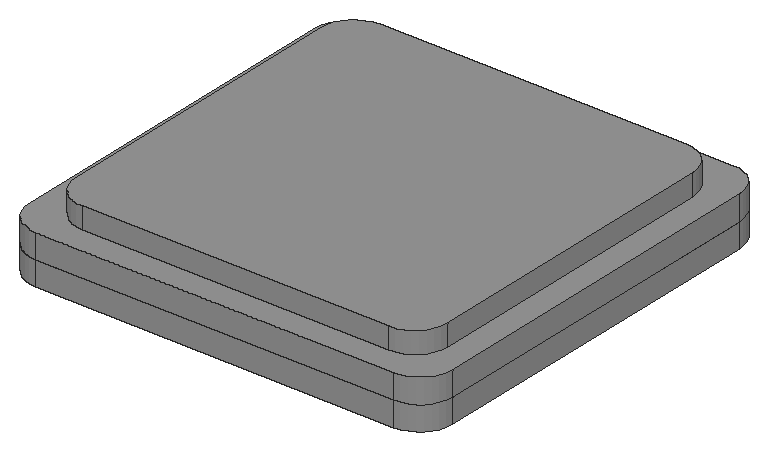
Revit family "FMS2_63_UN_Surface-mounted_ETK", category Lighting Fixtures, Revit 2019 (continued)
Definition of nested family "FMS.2 - Lightsource"
  Types (14, lengths in mm): name | Wattage Comments | Wattage | built-in parameter 1150134 | Photometric Web File | built-in parameter 1150142 | built-in parameter 1150105 | Lumens | built-in parameter 1150107 | built-in parameter 1150106 | Apparent Load
      7117\r\n333.632\t330.6806\t327.7293\t324.7779\t321.6982\t318.3619\t315.0256\t311.6893\t308.353\t305.0166\r\n301.6803\t298.344\t295.0077\t291.6714\t288.335\t284.9987\t281.7907\t278.4544\t275.1181\t271.7818\r\n268.4454\t265.2374\t261.9011\t258.5648\t255.2285\t251.7638\t248.2992\t244.8346\t241.3699\t237.9053\r\n234.4406\t230.976\t227.5114\t224.0467\t220.5821\t217.1174\t213.6528\t210.3165\t206.8518\t203.3872\r\n199.9226\t196.4579\t193.1216\t189.657\t186.1923\t182.5994\t179.1347\t175.6701\t172.2054\t168.6125\r\n165.1478\t161.6832\t158.2186\t154.7539\t151.2893\t147.8246\t144.36\t140.8954\t137.3024\t133.8378\r\n130.3731\t126.9726\t123.508\t120.2358\t117.0278\t113.8198\t110.6118\t107.4038\t104.1958\t100.9878\r\n97.7927\t94.5847\t91.3895\t88.1943\t84.9992\t81.804\t78.6088\t75.4137\t72.2313\t69.0362\r\n65.8538\t62.6587\t56.6918\t50.0961\t43.5133\t36.9177\t30.322\t23.7264\t17.1436\t10.5479\r\n3.9574\t0\t0\t0\t0\t0\t0\t0\t0\t0\r\n0\r\n473.6291\t473.3725\t472.9875\t472.6026\t472.2176\t471.8326\t471.4477\t471.0627\t470.6778\t470.2928\r\n469.9078\t469.5229\t469.1379\t468.753\t468.368\t467.983\t467.4698\t467.0848\t466.5715\t466.1866\r\n465.6733\t464.9034\t463.4918\t462.0803\t460.5405\t459.129\t457.7174\t456.3059\t454.8944\t453.4829\r\n452.0714\t450.6598\t449.12\t447.7085\t446.297\t444.7571\t443.3456\t441.8058\t440.3942\t438.9827\r\n437.4429\t436.0314\t433.8499\t431.5402\t429.2304\t426.9206\t424.6109\t422.3011\t419.9914\t417.6816\r\n415.3718\t412.9338\t410.624\t408.3142\t406.0045\t403.5664\t401.2566\t398.9469\t396.6371\t394.199\r\n391.8893\t389.5795\t387.1414\t384.1901\t381.2387\t378.2874\t375.336\t372.3846\t369.4333\t366.4819\r\n363.5306\t360.5792\t357.6278\t354.6765\t351.7251\t348.7738\t345.8224\t342.871\t339.9197\t336.9683\r\n334.017\t331.0656\t328.1142\t324.9062\t321.5699\t318.2336\t314.8973\t311.6893\t308.353\t305.0166\r\n301.8086\t298.4723\t295.136\t291.928\t288.5917\t285.3837\t282.0474\t278.711\t275.3747\t272.1667\r\n268.8304\t265.4941\t262.1578\t258.6931\t255.2285\t251.7638\t248.2992\t244.8346\t241.4982\t238.0336\r\n234.569\t231.1043\t227.6397\t224.175\t220.7104\t217.2458\t213.7811\t210.4448\t206.9802\t203.5155\r\n200.0509\t196.5862\t193.1216\t189.657\t186.1923\t182.7277\t179.1347\t175.6701\t172.2054\t168.7408\r\n165.2762\t161.6832\t158.2186\t154.7539\t151.2893\t147.8246\t144.36\t140.8954\t137.4307\t133.8378\r\n130.3731\t126.947\t123.662\t120.4412\t117.2203\t113.9995\t110.7787\t107.5707\t104.3498\t101.1418\r\n97.921\t94.713\t91.505\t88.2842\t85.0762\t81.8682\t78.6602\t75.4522\t72.2442\t69.0362\r\n65.8282\t61.5038\t54.921\t48.3381\t41.7553\t35.1597\t28.5769\t21.994\t15.4112\t8.8194\r\n2.2341\t0\t0\t0\t0\t0\t0\t0\t0\t0\r\n0\r\n473.6291\t473.3725\t472.9875\t472.6026\t472.2176\t471.8326\t471.4477\t471.0627\t470.6778\t470.2928\r\n469.9078\t469.5229\t469.0096\t468.6246\t468.2397\t467.8547\t467.4698\t467.0848\t466.6998\t466.3149\r\n465.9299\t464.9034\t463.4918\t462.0803\t460.6688\t459.2573\t457.8458\t456.3059\t454.8944\t453.4829\r\n452.0714\t450.6598\t449.12\t447.7085\t446.297\t444.8854\t443.4739\t442.0624\t440.6509\t439.2394\r\n437.8278\t436.0314\t433.7216\t431.4118\t429.1021\t426.7923\t424.4826\t422.3011\t419.9914\t417.6816\r\n415.3718\t413.0621\t410.7523\t408.4426\t406.1328\t403.823\t401.5133\t399.2035\t396.8938\t394.584\r\n392.2742\t389.8362\t386.8848\t383.9334\t381.1104\t378.159\t375.2077\t372.3846\t369.4333\t366.4819\r\n363.6589\t360.7075\t357.7562\t354.8048\t351.9818\t349.0304\t346.079\t343.1277\t340.1763\t337.225\r\n334.2736\t331.3222\t327.9859\t324.7779\t321.4416\t318.2336\t314.8973\t311.6893\t308.353\t305.145\r\n301.8086\t298.6006\t295.2643\t292.0563\t288.72\t285.512\t282.1757\t278.8394\t275.6314\t272.295\r\n269.087\t265.7507\t262.2861\t258.8214\t255.3568\t251.8922\t248.4275\t244.9629\t241.4982\t238.0336\r\n234.569\t231.2326\t227.768\t224.3034\t220.8387\t217.3741\t213.9094\t210.5731\t207.1085\t203.6438\r\n200.1792\t196.7146\t193.2499\t189.7853\t186.3206\t182.7277\t179.263\t175.7984\t172.3338\t168.8691\r\n165.2762\t161.8115\t158.3469\t154.8822\t151.2893\t147.8246\t144.36\t140.8954\t137.4307\t133.8378\r\n130.3731\t127.0111\t123.7775\t120.5566\t117.323\t114.0893\t110.8685\t107.6348\t104.4012\t101.1803\r\n97.9467\t94.7258\t91.4922\t88.2713\t85.0377\t81.8168\t78.596\t75.3623\t72.1415\t68.9207\r\n65.687\t60.1179\t53.5479\t46.978\t40.408\t33.838\t27.268\t20.698\t14.128\t7.5632\r\n0.9932\t0\t0\t0\t0\t0\t0\t0\t0\t0\r\n0\r\n473.6291\t473.3725\t472.9875\t472.6026\t472.2176\t471.8326\t471.4477\t471.0627\t470.6778\t470.2928\r\n469.9078\t469.5229\t469.1379\t468.753\t468.368\t467.983\t467.5981\t467.2131\t466.8282\t466.4432\r\n466.0582\t464.6467\t463.2352\t461.8237\t460.4122\t459.129\t457.7174\t456.3059\t454.8944\t453.4829\r\n452.0714\t450.6598\t449.2483\t447.8368\t446.4253\t445.0138\t443.6022\t442.1907\t440.9075\t439.496\r\n438.0845\t435.903\t433.5933\t431.4118\t429.1021\t426.7923\t424.6109\t422.3011\t419.9914\t417.6816\r\n415.5002\t413.1904\t410.8806\t408.5709\t406.3894\t404.0797\t401.7699\t399.4602\t397.2787\t394.969\r\n392.6592\t389.9645\t387.0131\t384.0618\t381.1104\t378.2874\t375.336\t372.3846\t369.5616\t366.6102\r\n363.7872\t360.8358\t357.8845\t355.0614\t352.1101\t349.1587\t346.2074\t343.3843\t340.433\t337.4816\r\n334.5302\t331.3222\t328.1142\t324.7779\t321.5699\t318.2336\t315.0256\t311.6893\t308.4813\t305.145\r\n301.8086\t298.6006\t295.2643\t292.0563\t288.72\t285.512\t282.1757\t278.9677\t275.7597\t272.4234\r\n269.2154\t265.7507\t262.2861\t258.8214\t255.3568\t251.8922\t248.5558\t245.0912\t241.6266\t238.1619\r\n234.6973\t231.2326\t227.768\t224.3034\t220.967\t217.5024\t214.0378\t210.5731\t207.1085\t203.6438\r\n200.1792\t196.7146\t193.2499\t189.7853\t186.3206\t182.7277\t179.263\t175.7984\t172.3338\t168.8691\r\n165.2762\t161.8115\t158.3469\t154.8822\t151.2893\t147.8246\t144.36\t140.8954\t137.4307\t133.8378\r\n130.3731\t127.1266\t123.8801\t120.6465\t117.4\t114.1663\t110.9198\t107.6861\t104.4396\t101.206\r\n97.9595\t94.7258\t91.4793\t88.2457\t85.012\t81.7655\t78.5318\t75.2982\t72.0517\t68.818\r\n65.5844\t59.271\t52.7139\t46.1567\t39.5996\t33.0424\t26.4852\t19.9281\t13.3581\t6.8061\r\n0.2483\t0\t0\t0\t0\t0\t0\t0\t0\t0\r\n0\r\n473.6291\t473.3725\t472.9875\t472.6026\t472.2176\t471.8326\t471.4477\t471.0627\t470.6778\t470.4211\r\n470.0362\t469.6512\t469.2662\t468.8813\t468.4963\t468.1114\t467.7264\t467.4698\t467.0848\t466.6998\r\n466.3149\t464.9034\t463.4918\t462.0803\t460.6688\t459.2573\t457.8458\t456.4342\t455.0227\t453.6112\r\n452.1997\t450.7882\t449.3766\t447.9651\t446.5536\t445.1421\t443.7306\t442.319\t440.9075\t439.496\r\n438.0845\t435.7747\t433.465\t431.2835\t428.9738\t426.664\t424.3542\t422.1728\t419.863\t417.5533\r\n415.2435\t413.0621\t410.7523\t408.4426\t406.1328\t403.9514\t401.6416\t399.3318\t397.0221\t394.8406\r\n392.5309\t389.5795\t386.7565\t383.8051\t380.8538\t378.0307\t375.0794\t372.128\t369.305\t366.3536\r\n363.4022\t360.5792\t357.6278\t354.6765\t351.8534\t348.9021\t345.9507\t343.1277\t340.1763\t337.3533\r\n334.4019\t331.0656\t327.8576\t324.6496\t321.3133\t318.1053\t314.8973\t311.561\t308.353\t305.0166\r\n301.8086\t298.6006\t295.2643\t292.0563\t288.8483\t285.512\t282.304\t278.9677\t275.7597\t272.5517\r\n269.2154\t265.7507\t262.4144\t258.9498\t255.4851\t252.0205\t248.5558\t245.0912\t241.6266\t238.1619\r\n234.6973\t231.2326\t227.768\t224.4317\t220.967\t217.5024\t214.0378\t210.5731\t207.1085\t203.6438\r\n200.1792\t196.7146\t193.2499\t189.657\t186.1923\t182.7277\t179.263\t175.7984\t172.2054\t168.7408\r\n165.2762\t161.8115\t158.2186\t154.7539\t151.2893\t147.8246\t144.2317\t140.767\t137.3024\t133.8378\r\n130.2448\t127.0496\t123.816\t120.5695\t117.323\t114.0893\t110.8428\t107.5963\t104.3627\t101.1162\r\n97.8697\t94.636\t91.3895\t88.143\t84.9093\t81.6628\t78.4164\t75.1827\t71.9362\t68.6897\r\n65.456\t58.8989\t52.3546\t45.8102\t39.2659\t32.7216\t26.1773\t19.633\t13.0886\t6.5456\r\n0\t0\t0\t0\t0\t0\t0\t0\t0\t0\r\n0\r\n473.6291\t473.2442\t472.9875\t472.6026\t472.2176\t471.8326\t471.4477\t471.0627\t470.6778\t470.2928\r\n469.9078\t469.3946\t469.0096\t468.6246\t468.2397\t467.8547\t467.4698\t467.0848\t466.6998\t466.3149\r\n465.9299\t464.6467\t463.2352\t461.8237\t460.4122\t459.0006\t457.5891\t456.1776\t454.7661\t453.3546\r\n452.0714\t450.6598\t449.2483\t447.8368\t446.4253\t445.0138\t443.6022\t442.1907\t440.9075\t439.496\r\n438.0845\t435.903\t433.5933\t431.4118\t429.1021\t426.7923\t424.4826\t422.3011\t419.9914\t417.6816\r\n415.3718\t413.0621\t410.8806\t408.5709\t406.2611\t403.9514\t401.6416\t399.4602\t397.1504\t394.8406\r\n392.5309\t389.8362\t386.8848\t383.9334\t380.9821\t378.159\t375.2077\t372.2563\t369.305\t366.4819\r\n363.5306\t360.5792\t357.7562\t354.8048\t351.8534\t349.0304\t346.079\t343.1277\t340.1763\t337.3533\r\n334.4019\t331.1939\t327.9859\t324.6496\t321.4416\t318.1053\t314.8973\t311.561\t308.353\t305.145\r\n301.8086\t298.6006\t295.2643\t292.0563\t288.72\t285.512\t282.304\t278.9677\t275.7597\t272.4234\r\n269.2154\t265.7507\t262.2861\t258.8214\t255.3568\t252.0205\t248.5558\t245.0912\t241.6266\t238.1619\r\n234.6973\t231.2326\t227.768\t224.3034\t220.8387\t217.3741\t213.9094\t210.4448\t206.9802\t203.5155\r\n200.0509\t196.5862\t193.1216\t189.5286\t186.064\t182.5994\t179.1347\t175.6701\t172.0771\t168.6125\r\n165.1478\t161.6832\t158.2186\t154.6256\t151.161\t147.6963\t144.2317\t140.6387\t137.1741\t133.7094\r\n130.2448\t126.947\t123.7005\t120.454\t117.2075\t113.9738\t110.7273\t107.4808\t104.2343\t100.9878\r\n97.7542\t94.5077\t91.2612\t88.0147\t84.781\t81.5345\t78.288\t75.0415\t71.8079\t68.5614\r\n65.3149\t59.0272\t52.4957\t45.9642\t39.4327\t32.9012\t26.3698\t19.8383\t13.3068\t6.7779\r\n0.2473\t0\t0\t0\t0\t0\t0\t0\t0\t0\r\n0\r\n473.6291\t473.2442\t472.8592\t472.4742\t472.0893\t471.7043\t471.3194\t470.9344\t470.5494\t470.1645\r\n469.7795\t469.2662\t468.8813\t468.4963\t468.1114\t467.7264\t467.3414\t466.9565\t466.5715\t466.1866\r\n465.8016\t464.775\t463.3635\t461.952\t460.5405\t459.129\t457.7174\t456.3059\t454.8944\t453.4829\r\n452.0714\t450.6598\t449.2483\t447.8368\t446.4253\t445.0138\t443.4739\t442.0624\t440.6509\t439.2394\r\n437.6995\t435.903\t433.5933\t431.2835\t429.1021\t426.7923\t424.4826\t422.1728\t419.863\t417.5533\r\n415.2435\t413.0621\t410.7523\t408.4426\t406.1328\t403.823\t401.5133\t399.3318\t397.0221\t394.7123\r\n392.4026\t389.9645\t387.0131\t384.0618\t381.1104\t378.159\t375.2077\t372.2563\t369.305\t366.3536\r\n363.4022\t360.4509\t357.4995\t354.6765\t351.7251\t348.7738\t345.8224\t342.871\t339.9197\t337.0966\r\n334.1453\t331.1939\t327.8576\t324.6496\t321.3133\t318.1053\t314.769\t311.561\t308.2246\t305.0166\r\n301.6803\t298.4723\t295.136\t291.928\t288.5917\t285.3837\t282.0474\t278.8394\t275.503\t272.295\r\n268.9587\t265.7507\t262.2861\t258.8214\t255.3568\t251.7638\t248.2992\t244.8346\t241.3699\t237.9053\r\n234.4406\t230.976\t227.5114\t224.0467\t220.7104\t217.2458\t213.7811\t210.3165\t206.8518\t203.3872\r\n199.9226\t196.4579\t192.9933\t189.5286\t185.9357\t182.471\t179.0064\t175.5418\t172.0771\t168.4842\r\n165.0195\t161.5549\t157.9619\t154.4973\t151.0326\t147.568\t144.1034\t140.5104\t137.0458\t133.5811\r\n130.1165\t126.7032\t123.4567\t120.223\t116.9765\t113.7428\t110.4964\t107.2627\t104.029\t100.7825\r\n97.5489\t94.3152\t91.0815\t87.835\t84.6014\t81.3677\t78.134\t74.9004\t71.6667\t68.4331\r\n65.1994\t59.656\t53.1373\t46.6187\t40.1\t33.5813\t27.0627\t20.544\t14.0254\t7.5042\r\n0.9855\t0\t0\t0\t0\t0\t0\t0\t0\t0\r\n0\r\n473.6291\t473.2442\t472.8592\t472.4742\t472.0893\t471.7043\t471.3194\t470.9344\t470.4211\t470.0362\r\n469.6512\t469.2662\t468.8813\t468.4963\t468.1114\t467.7264\t467.3414\t466.9565\t466.4432\t466.0582\r\n465.6733\t464.9034\t463.4918\t462.0803\t460.6688\t459.2573\t457.8458\t456.3059\t454.8944\t453.4829\r\n451.943\t450.5315\t449.12\t447.5802\t446.1686\t444.6288\t443.2173\t441.6774\t440.2659\t438.7261\r\n437.3146\t435.7747\t433.7216\t431.4118\t429.1021\t426.664\t424.3542\t422.0445\t419.7347\t417.425\r\n415.1152\t412.8054\t410.4957\t408.1859\t405.8762\t403.6947\t401.385\t399.0752\t396.6371\t394.3274\r\n392.0176\t389.7078\t387.1414\t384.1901\t381.2387\t378.2874\t375.2077\t372.2563\t369.305\t366.3536\r\n363.4022\t360.4509\t357.4995\t354.5482\t351.5968\t348.6454\t345.5658\t342.6144\t339.663\t336.7117\r\n333.7603\t330.6806\t327.7293\t324.5213\t321.185\t317.977\t314.6406\t311.3043\t308.0963\t304.76\r\n301.552\t298.2157\t295.0077\t291.6714\t288.335\t285.127\t281.7907\t278.5827\t275.2464\t272.0384\r\n268.7021\t265.4941\t262.1578\t258.6931\t255.2285\t251.7638\t248.2992\t244.8346\t241.3699\t237.777\r\n234.3123\t230.8477\t227.383\t223.9184\t220.4538\t216.9891\t213.5245\t210.0598\t206.5952\t203.1306\r\n199.6659\t196.073\t192.6083\t189.1437\t185.679\t182.2144\t178.6214\t175.1568\t171.6922\t168.2275\r\n164.6346\t161.1699\t157.7053\t154.2406\t150.776\t147.3114\t143.7184\t140.2538\t136.7891\t133.3245\r\n129.8598\t126.3824\t123.0845\t119.8509\t116.63\t113.3964\t110.1756\t106.9419\t103.7211\t100.5002\r\n97.2666\t94.0457\t90.8249\t87.6041\t84.3832\t81.1624\t77.9416\t74.7207\t71.4999\t68.2791\r\n65.0711\t60.7595\t54.2537\t47.7479\t41.242\t34.7362\t28.2304\t21.7246\t15.2188\t8.7116\r\n2.2058\t0\t0\t0\t0\t0\t0\t0\t0\t0\r\n0\r\n473.6291\t473.2442\t472.8592\t472.4742\t472.0893\t471.7043\t471.3194\t470.9344\t470.4211\t470.0362\r\n469.6512\t469.2662\t468.8813\t468.4963\t467.983\t467.5981\t467.2131\t466.6998\t466.3149\t465.8016\r\n465.4166\t464.9034\t463.7485\t462.2086\t460.7971\t459.2573\t457.8458\t456.3059\t454.8944\t453.3546\r\n451.8147\t450.4032\t448.8634\t447.3235\t445.7837\t444.3722\t442.8323\t441.2925\t439.7526\t438.2128\r\n436.673\t435.1331\t433.5933\t431.5402\t429.2304\t426.7923\t424.4826\t422.1728\t419.863\t417.5533\r\n415.1152\t412.8054\t410.4957\t408.0576\t405.7478\t403.4381\t401\t398.5619\t396.1238\t393.8141\r\n391.376\t388.9379\t386.6282\t384.3184\t381.367\t378.4157\t375.4643\t372.3846\t369.4333\t366.4819\r\n363.4022\t360.4509\t357.3712\t354.4198\t351.4685\t348.3888\t345.4374\t342.3578\t339.4064\t336.3267\r\n333.3754\t330.424\t327.3443\t324.393\t321.185\t317.8486\t314.6406\t311.3043\t307.968\t304.6317\r\n301.4237\t298.0874\t294.751\t291.4147\t288.2067\t284.8704\t281.5341\t278.1978\t274.9898\t271.6534\r\n268.3171\t264.9808\t261.7728\t258.4365\t255.1002\t251.5072\t248.0426\t244.5779\t241.1133\t237.5203\r\n234.0557\t230.591\t227.1264\t223.6618\t220.0688\t216.6042\t213.1395\t209.6749\t206.2102\t202.7456\r\n199.281\t195.8163\t192.3517\t188.887\t185.4224\t181.8294\t178.3648\t174.9002\t171.4355\t167.9709\r\n164.3779\t160.9133\t157.4486\t153.984\t150.5194\t147.0547\t143.5901\t140.1254\t136.6608\t133.1962\r\n129.7315\t126.2027\t122.7381\t119.4659\t116.2451\t113.0243\t109.8163\t106.5954\t103.3746\t100.1666\r\n96.9586\t93.7506\t90.5426\t87.3346\t84.1266\t80.9186\t77.7106\t74.5154\t71.3203\t68.1123\r\n64.9171\t61.7219\t55.832\t49.339\t42.846\t36.3531\t29.8601\t23.3671\t16.8741\t10.3875\r\n3.8958\t0\t0\t0\t0\t0\t0\t0\t0\t0\r\n0\r\n473.6291\t473.2442\t472.8592\t472.4742\t472.0893\t471.7043\t471.3194\t470.9344\t470.5494\t470.0362\r\n469.6512\t469.2662\t468.8813\t468.368\t467.983\t467.4698\t466.9565\t466.4432\t465.9299\t465.545\r\n464.9034\t464.3901\t463.8768\t462.337\t460.9254\t459.3856\t457.8458\t456.4342\t454.8944\t453.3546\r\n451.8147\t450.2749\t448.735\t447.1952\t445.6554\t444.1155\t442.5757\t440.9075\t439.3677\t437.8278\r\n436.288\t434.6198\t433.08\t431.4118\t429.6154\t427.1773\t424.8675\t422.4294\t419.9914\t417.5533\r\n415.1152\t412.6771\t410.3674\t407.9293\t405.4912\t403.0531\t400.615\t398.177\t395.8672\t393.4291\r\n390.991\t388.553\t386.1149\t383.6768\t381.2387\t378.8006\t375.721\t372.6413\t369.5616\t366.4819\r\n363.4022\t360.4509\t357.3712\t354.2915\t351.3402\t348.2605\t345.3091\t342.1011\t339.0214\t335.9418\r\n332.8621\t329.7824\t326.831\t323.7514\t320.6717\t317.7203\t314.5123\t311.176\t307.8397\t304.5034\r\n301.167\t297.8307\t294.4944\t291.1581\t287.8218\t284.4854\t281.1491\t277.8128\t274.4765\t271.2685\r\n267.9322\t264.5958\t261.2595\t257.9232\t254.7152\t251.3789\t248.0426\t244.4496\t240.985\t237.392\r\n233.9274\t230.4627\t226.8698\t223.4051\t219.9405\t216.3475\t212.8829\t209.4182\t205.8253\t202.3606\r\n198.896\t195.303\t191.8384\t188.3738\t184.9091\t181.4445\t177.9798\t174.3869\t170.9222\t167.4576\r\n163.993\t160.5283\t157.0637\t153.599\t150.1344\t146.6698\t143.2051\t139.7405\t136.2758\t132.8112\r\n129.3466\t125.9204\t122.4686\t119.0296\t115.719\t112.511\t109.3158\t106.1206\t102.9255\t99.7303\r\n96.5351\t93.34\t90.1448\t86.9625\t83.7801\t80.5978\t77.4155\t74.2331\t71.0508\t67.8813\r\n64.6989\t61.5294\t57.8338\t51.3537\t44.8863\t38.4062\t31.926\t25.4587\t18.9785\t12.5086\r\n6.0375\t0\t0\t0\t0\t0\t0\t0\t0\t0\r\n0\r\n473.6291\t473.2442\t472.8592\t472.4742\t472.0893\t471.7043\t471.3194\t470.9344\t470.5494\t470.0362\r\n469.6512\t469.2662\t468.753\t468.2397\t467.7264\t467.2131\t466.6998\t466.1866\t465.545\t465.0317\r\n464.5184\t463.8768\t463.2352\t462.7219\t461.1821\t459.6422\t458.2307\t456.6909\t455.151\t453.6112\r\n451.943\t450.4032\t448.8634\t447.1952\t445.527\t443.9872\t442.319\t440.6509\t438.9827\t437.3146\r\n435.6464\t433.9782\t432.3101\t430.6419\t428.8454\t427.1773\t425.1242\t422.6861\t420.248\t417.8099\r\n415.2435\t412.8054\t410.3674\t407.9293\t405.4912\t402.9248\t400.3584\t397.9203\t395.3539\t392.7875\r\n390.3494\t387.783\t385.345\t382.7786\t380.2122\t377.6458\t375.0794\t372.513\t369.5616\t366.4819\r\n363.4022\t360.3226\t357.2429\t354.0349\t350.9552\t347.8755\t344.7958\t341.7162\t338.6365\t335.5568\r\n332.6054\t329.5258\t326.4461\t323.2381\t320.1584\t317.0787\t313.999\t310.9194\t307.8397\t304.5034\r\n301.0387\t297.7024\t294.3661\t290.9014\t287.5651\t284.2288\t280.7642\t277.4278\t274.0915\t270.7552\r\n267.4189\t264.0826\t260.7462\t257.4099\t254.0736\t250.7373\t247.401\t244.0646\t240.8566\t237.2637\r\n233.6707\t230.2061\t226.6131\t223.1485\t219.5555\t216.0909\t212.4979\t209.0333\t205.4403\t201.9757\r\n198.511\t194.9181\t191.4534\t187.9888\t184.5242\t181.0595\t177.5949\t174.1302\t170.6656\t167.0726\r\n163.608\t160.1434\t156.6787\t153.2141\t149.7494\t146.2848\t142.8202\t139.3555\t135.8909\t132.4262\r\n128.9616\t125.5355\t122.0965\t118.6575\t115.2185\t111.7924\t108.61\t105.4277\t102.2582\t99.0887\r\n95.9192\t92.7625\t89.6059\t86.4492\t83.3053\t80.1487\t77.0048\t73.8
